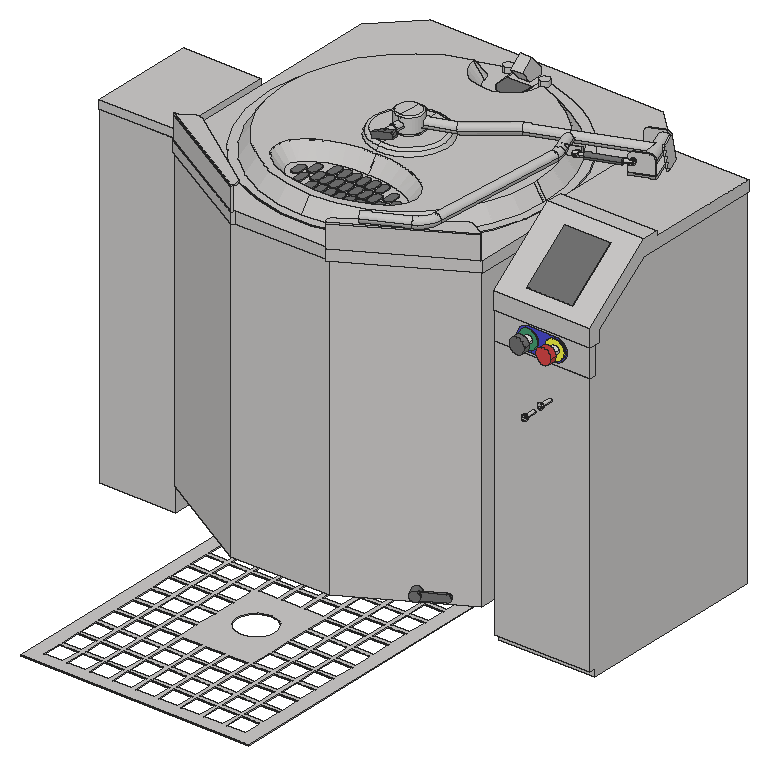
Revit family "QF_DIETATEC_CELER_200_180516040045", category Specialty Equipment, Revit 2015
Parameters
  Width [instance] = 1305 mm
  Weight in Pounds [instance] = 473.989
  Volts [instance] = 400 V
  URL Cutsheet [instance] = ""
  URL = "www.dietatec.com"
  Status [instance] = ""
  Specification by User [instance] = ""
  Specification by Manufacturer [instance] = ""
  Serial Number [instance] = "CELER_200"
  Seismic Rating [instance] = ""
  SMACNA No [instance] = ""
  Revision Code [instance] = ""
  Phase [instance] = 0
  Number of Poles [instance] = 3
  NAFEM Spec ID Number [instance] = ""
  Model = "57635"
  Min Ckt Ampacity [instance] = 0 A
  Max Overcurrent Protection [instance] = 0 A
  Masterspec [instance] = ""
  Manufacturer = "DIETATEC"
  ListPrice [instance] = 0
  Item Number [instance] = ""
  Installed By [instance] = ""
  Identify Quantity as Lot [instance] = yes
  Height [instance] = 1000 mm
  HP [instance] = ""
  Furnished By [instance] = ""
  Foodservice Equipment Identifier [instance] = yes
  FL Amps [instance] = 63 A
  Elec Conn RI Height [instance] = 0 mm
  Elec Conn Connection Height [instance] = 120 mm
  Description = "DIETA CELER 200 KETTLE, ELECTRIC MODEL"
  Depth [instance] = 882 mm
  Cycle [instance] = 50 Hz
  Conn Plug [instance] = ""
  Conn Conduit [instance] = yes
  CSI MasterFormat [instance] = ""
  Assembly Code = "E1090320"
  Apparent Power [instance] = 32500 VA
Reference planes
  plane 1 "Center (Front/Back)": y = 0
  plane 2: z = 0
  plane 3 "Center (Left/Right)": x = 0
Forms (mm)
  Extrusion 1, solid, not visible
    sketch origin (954.4, -182.2, 120) x (1, 0, 0) y (0, 1, 0)
      loop
        line (0, 0) -> (2, 0) -> (2, 2) -> (0, 2) -> (0, 0)
    from 0 to 2
Dimensions and locks
  aligned and locked: level to plane 2
Nested families
  nested 1: "QF_Dietatec_CELER_200_FL" at (0, 0, 0), type "57635_400_3"
    with Width 1305 mm, Status "", Specification by User "", Show Logo yes, Show Clearance yes, Revision Code "", Plumbing Remarks "", Plumbing Connection Type "", Number of Poles 3, ListPrice 0, Item Number "", Installed By "", Identify Quantity as Lot no, Height 1000 mm, Furnished By "", Foodservice Equipment Identifier yes, Electrical Remarks "", Electric Connection Type "", Elec Conn RI Height 0 mm, Elec Conn Connection Height 120 mm, Depth 882 mm, Conn Conduit no, Cold Water RI Height 120 mm, Cold Water Flow 0.0 L/s, Cold Water Consumption "", Cold Water Connection Height 120 mm
  nested 2: "QF_Dietatec_KETTLE_LEFT_LEG" at (0, -84, 0), type "KETTLE_LEFT_LEG"
    with Width 275 mm, Status "", Specification by User "", Show Logo yes, Show Clearance yes, Revision Code "", ListPrice 0, Item Number "", Installed By "", Identify Quantity as Lot no, Height 900 mm, Furnished By "", Foodservice Equipment Identifier yes, Depth 200 mm
Connectors
  electrical at (955.4, -180.2, 121), driven by "Volts"
    settings: on Extrusion 1, index 1, voltage 400 V, apparent load 32500 VA, apparent load phase1 0 VA, apparent load phase2 0 VA, apparent load phase3 0 VA, power factor 1, load classification "Other", number of poles 1, system type 30, power factor state 1, is connector primary yes, connector utility no, sub classification motor no, connector description "Electrical connection"
Definition of nested family "QF_Dietatec_CELER_200_FL"
  Parameters (values of type "57635_400_3")
    Width [instance] = 0 mm
    Weight in Pounds = 473.9933
    Watts = 750 W
    Volts = 230 V
    URL Cutsheet = "www.dietatec.com"
    URL = "www.dietatec.com"
    Status [instance] = ""
    Specification by User [instance] = ""
    Specification by Manufacturer = ""
    Show Logo [instance] = yes
    Show Clearance [instance] = yes
    Serial Number = ""
    Seismic Rating = ""
    SMACNA No = ""
    Revision Code [instance] = ""
    Plumbing Remarks [instance] = ""
    Plumbing Connection Type [instance] = ""
    Phase = 1
    Number of Poles [instance] = 1
    NAFEM Spec ID Number = ""
    Model = "57635+43730"
    Min Ckt Ampacity = 0 A
    Max Overcurrent Protection = 0 A
    Masterspec = ""
    Manufacturer = "DIETATEC"
    ListPrice [instance] = 0
    Item Number [instance] = ""
    Installed By [instance] = ""
    Identify Quantity as Lot [instance] = no
    Height [instance] = 0 mm
    HP = "1.005765000000"
    Furnished By [instance] = ""
    Foodservice Equipment Identifier [instance] = yes
    FL Amps = 16 A
    Electrical Remarks [instance] = ""
    Electric Connection Type [instance] = ""
    Elec Conn RI Height [instance] = 0 mm
    Elec Conn Connection Height [instance] = 120 mm
    Description = "DIETA CELER 200 KETTLE, STEAM MODEL"
    Depth [instance] = 0 mm
    Cycle = 50 Hz
    Conn Plug = ""
    Conn Conduit [instance] = no
    Cold Water Temperature Recommended = 0 °C
    Cold Water Size = 12.7 mm
    Cold Water RI Height [instance] = 120 mm
    Cold Water Minimum Pressure = 20000.0 Pa
    Cold Water Maximum Pressure = 50000.0 Pa
    Cold Water Flow [instance] = 0.0 L/s
    Cold Water Consumption [instance] = ""
    Cold Water Connection Height [instance] = 120 mm
    CSI MasterFormat = ""
    Assembly Code = "E1090320"
    Apparent Power = 750 VA
  Reference planes
    plane 1 "Back": y = 0
    plane 2: z = 0
    plane 3 "Left": x = 0
    plane 4 "Right": x = 1101.351
    plane 5 "Front": y = -882.143
    plane 6 "Top": z = 1000
  Forms (mm)
    Extrusion 1, solid
      sketch origin (1928.665, 818.484, 150) x (1, 0, 0) y (0, 1, 0)
        loop
          line (-1804.703, -1372.685) -> (-1804.703, -2172.685) -> (-1204.703, -2172.685) -> (-1204.703, -1372.685) -> (-1804.703, -1372.685)
        loop
          line (-1769.703, -1427.685) -> (-1769.703, -1477.685) -> (-1719.703, -1477.685) -> (-1719.703, -1427.685) -> (-1769.703, -1427.685)
        loop
          line (-1709.703, -1427.685) -> (-1709.703, -1477.685) -> (-1659.703, -1477.685) -> (-1659.703, -1427.685) -> (-1709.703, -1427.685)
        loop
          line (-1649.703, -1427.685) -> (-1649.703, -1477.685) -> (-1599.703, -1477.685) -> (-1599.703, -1427.685) -> (-1649.703, -1427.685)
        loop
          line (-1589.703, -1427.685) -> (-1589.703, -1477.685) -> (-1539.703, -1477.685) -> (-1539.703, -1427.685) -> (-1589.703, -1427.685)
        loop
          line (-1529.703, -1427.685) -> (-1529.703, -1477.685) -> (-1479.703, -1477.685) -> (-1479.703, -1427.685) -> (-1529.703, -1427.685)
        loop
          line (-1469.703, -1427.685) -> (-1469.703, -1477.685) -> (-1419.703, -1477.685) -> (-1419.703, -1427.685) -> (-1469.703, -1427.685)
        loop
          line (-1409.703, -1427.685) -> (-1409.703, -1477.685) -> (-1359.703, -1477.685) -> (-1359.703, -1427.685) -> (-1409.703, -1427.685)
        loop
          line (-1349.703, -1427.685) -> (-1349.703, -1477.685) -> (-1299.703, -1477.685) -> (-1299.703, -1427.685) -> (-1349.703, -1427.685)
        loop
          line (-1289.703, -1427.685) -> (-1289.703, -1477.685) -> (-1239.703, -1477.685) -> (-1239.703, -1427.685) -> (-1289.703, -1427.685)
        loop
          line (-1769.703, -1487.685) -> (-1769.703, -1537.685) -> (-1719.703, -1537.685) -> (-1719.703, -1487.685) -> (-1769.703, -1487.685)
        loop
          line (-1709.703, -1487.685) -> (-1709.703, -1537.685) -> (-1659.703, -1537.685) -> (-1659.703, -1487.685) -> (-1709.703, -1487.685)
        loop
          line (-1649.703, -1487.685) -> (-1649.703, -1537.685) -> (-1599.703, -1537.685) -> (-1599.703, -1487.685) -> (-1649.703, -1487.685)
        loop
          line (-1589.703, -1487.685) -> (-1589.703, -1537.685) -> (-1539.703, -1537.685) -> (-1539.703, -1487.685) -> (-1589.703, -1487.685)
        loop
          line (-1529.703, -1487.685) -> (-1529.703, -1537.685) -> (-1479.703, -1537.685) -> (-1479.703, -1487.685) -> (-1529.703, -1487.685)
        loop
          line (-1469.703, -1487.685) -> (-1469.703, -1537.685) -> (-1419.703, -1537.685) -> (-1419.703, -1487.685) -> (-1469.703, -1487.685)
        loop
          line (-1409.703, -1487.685) -> (-1409.703, -1537.685) -> (-1359.703, -1537.685) -> (-1359.703, -1487.685) -> (-1409.703, -1487.685)
        loop
          line (-1349.703, -1487.685) -> (-1349.703, -1537.685) -> (-1299.703, -1537.685) -> (-1299.703, -1487.685) -> (-1349.703, -1487.685)
        loop
          line (-1289.703, -1487.685) -> (-1289.703, -1537.685) -> (-1239.703, -1537.685) -> (-1239.703, -1487.685) -> (-1289.703, -1487.685)
        loop
          line (-1769.703, -1547.685) -> (-1769.703, -1597.685) -> (-1719.703, -1597.685) -> (-1719.703, -1547.685) -> (-1769.703, -1547.685)
        loop
          line (-1709.703, -1547.685) -> (-1709.703, -1597.685) -> (-1659.703, -1597.685) -> (-1659.703, -1547.685) -> (-1709.703, -1547.685)
        loop
          line (-1649.703, -1547.685) -> (-1649.703, -1597.685) -> (-1599.703, -1597.685) -> (-1599.703, -1547.685) -> (-1649.703, -1547.685)
        loop
          line (-1589.703, -1547.685) -> (-1589.703, -1597.685) -> (-1539.703, -1597.685) -> (-1539.703, -1547.685) -> (-1589.703, -1547.685)
        loop
          line (-1529.703, -1547.685) -> (-1529.703, -1597.685) -> (-1479.703, -1597.685) -> (-1479.703, -1547.685) -> (-1529.703, -1547.685)
        loop
          line (-1469.703, -1547.685) -> (-1469.703, -1597.685) -> (-1419.703, -1597.685) -> (-1419.703, -1547.685) -> (-1469.703, -1547.685)
        loop
          line (-1409.703, -1547.685) -> (-1409.703, -1597.685) -> (-1359.703, -1597.685) -> (-1359.703, -1547.685) -> (-1409.703, -1547.685)
        loop
          line (-1349.703, -1547.685) -> (-1349.703, -1597.685) -> (-1299.703, -1597.685) -> (-1299.703, -1547.685) -> (-1349.703, -1547.685)
        loop
          line (-1289.703, -1547.685) -> (-1289.703, -1597.685) -> (-1239.703, -1597.685) -> (-1239.703, -1547.685) -> (-1289.703, -1547.685)
        loop
          line (-1769.703, -1607.685) -> (-1769.703, -1657.685) -> (-1719.703, -1657.685) -> (-1719.703, -1607.685) -> (-1769.703, -1607.685)
        loop
          line (-1709.703, -1607.685) -> (-1709.703, -1657.685) -> (-1659.703, -1657.685) -> (-1659.703, -1607.685) -> (-1709.703, -1607.685)
        loop
          line (-1649.703, -1607.685) -> (-1649.703, -1657.685) -> (-1599.703, -1657.685) -> (-1599.703, -1607.685) -> (-1649.703, -1607.685)
        loop
          line (-1589.703, -1607.685) -> (-1589.703, -1657.685) -> (-1539.703, -1657.685) -> (-1539.703, -1607.685) -> (-1589.703, -1607.685)
        loop
          line (-1529.703, -1607.685) -> (-1529.703, -1657.685) -> (-1479.703, -1657.685) -> (-1479.703, -1607.685) -> (-1529.703, -1607.685)
        loop
          line (-1469.703, -1607.685) -> (-1469.703, -1657.685) -> (-1419.703, -1657.685) -> (-1419.703, -1607.685) -> (-1469.703, -1607.685)
        loop
          line (-1409.703, -1607.685) -> (-1409.703, -1657.685) -> (-1359.703, -1657.685) -> (-1359.703, -1607.685) -> (-1409.703, -1607.685)
        loop
          line (-1349.703, -1607.685) -> (-1349.703, -1657.685) -> (-1299.703, -1657.685) -> (-1299.703, -1607.685) -> (-1349.703, -1607.685)
        loop
          line (-1289.703, -1607.685) -> (-1289.703, -1657.685) -> (-1239.703, -1657.685) -> (-1239.703, -1607.685) -> (-1289.703, -1607.685)
        loop
          line (-1769.703, -1667.685) -> (-1769.703, -1717.685) -> (-1719.703, -1717.685) -> (-1719.703, -1667.685) -> (-1769.703, -1667.685)
        loop
          line (-1709.703, -1667.685) -> (-1709.703, -1717.685) -> (-1659.703, -1717.685) -> (-1659.703, -1667.685) -> (-1709.703, -1667.685)
        loop
          line (-1649.703, -1667.685) -> (-1649.703, -1717.685) -> (-1599.703, -1717.685) -> (-1599.703, -1667.685) -> (-1649.703, -1667.685)
        loop
          line (-1409.703, -1667.685) -> (-1409.703, -1717.685) -> (-1359.703, -1717.685) -> (-1359.703, -1667.685) -> (-1409.703, -1667.685)
        loop
          line (-1349.703, -1667.685) -> (-1349.703, -1717.685) -> (-1299.703, -1717.685) -> (-1299.703, -1667.685) -> (-1349.703, -1667.685)
        loop
          line (-1289.703, -1667.685) -> (-1289.703, -1717.685) -> (-1239.703, -1717.685) -> (-1239.703, -1667.685) -> (-1289.703, -1667.685)
        loop
          line (-1769.703, -1727.685) -> (-1769.703, -1777.685) -> (-1719.703, -1777.685) -> (-1719.703, -1727.685) -> (-1769.703, -1727.685)
        loop
          line (-1709.703, -1727.685) -> (-1709.703, -1777.685) -> (-1659.703, -1777.685) -> (-1659.703, -1727.685) -> (-1709.703, -1727.685)
        loop
          line (-1649.703, -1727.685) -> (-1649.703, -1777.685) -> (-1599.703, -1777.685) -> (-1599.703, -1727.685) -> (-1649.703, -1727.685)
        loop
          line (-1409.703, -1727.685) -> (-1409.703, -1777.685) -> (-1359.703, -1777.685) -> (-1359.703, -1727.685) -> (-1409.703, -1727.685)
        loop
          line (-1349.703, -1727.685) -> (-1349.703, -1777.685) -> (-1299.703, -1777.685) -> (-1299.703, -1727.685) -> (-1349.703, -1727.685)
        loop
          line (-1289.703, -1727.685) -> (-1289.703, -1777.685) -> (-1239.703, -1777.685) -> (-1239.703, -1727.685) -> (-1289.703, -1727.685)
        loop
          line (-1769.703, -1787.685) -> (-1769.703, -1837.685) -> (-1719.703, -1837.685) -> (-1719.703, -1787.685) -> (-1769.703, -1787.685)
        loop
          line (-1709.703, -1787.685) -> (-1709.703, -1837.685) -> (-1659.703, -1837.685) -> (-1659.703, -1787.685) -> (-1709.703, -1787.685)
        loop
          line (-1649.703, -1787.685) -> (-1649.703, -1837.685) -> (-1599.703, -1837.685) -> (-1599.703, -1787.685) -> (-1649.703, -1787.685)
        loop
          line (-1409.703, -1787.685) -> (-1409.703, -1837.685) -> (-1359.703, -1837.685) -> (-1359.703, -1787.685) -> (-1409.703, -1787.685)
        loop
          line (-1349.703, -1787.685) -> (-1349.703, -1837.685) -> (-1299.703, -1837.685) -> (-1299.703, -1787.685) -> (-1349.703, -1787.685)
        loop
          line (-1289.703, -1787.685) -> (-1289.703, -1837.685) -> (-1239.703, -1837.685) -> (-1239.703, -1787.685) -> (-1289.703, -1787.685)
        loop
          line (-1769.703, -1847.685) -> (-1769.703, -1897.685) -> (-1719.703, -1897.685) -> (-1719.703, -1847.685) -> (-1769.703, -1847.685)
        loop
          line (-1709.703, -1847.685) -> (-1709.703, -1897.685) -> (-1659.703, -1897.685) -> (-1659.703, -1847.685) -> (-1709.703, -1847.685)
        loop
          line (-1649.703, -1847.685) -> (-1649.703, -1897.685) -> (-1599.703, -1897.685) -> (-1599.703, -1847.685) -> (-1649.703, -1847.685)
        loop
          line (-1409.703, -1847.685) -> (-1409.703, -1897.685) -> (-1359.703, -1897.685) -> (-1359.703, -1847.685) -> (-1409.703, -1847.685)
        loop
          line (-1349.703, -1847.685) -> (-1349.703, -1897.685) -> (-1299.703, -1897.685) -> (-1299.703, -1847.685) -> (-1349.703, -1847.685)
        loop
          line (-1289.703, -1847.685) -> (-1289.703, -1897.685) -> (-1239.703, -1897.685) -> (-1239.703, -1847.685) -> (-1289.703, -1847.685)
        loop
          line (-1769.703, -1907.685) -> (-1769.703, -1957.685) -> (-1719.703, -1957.685) -> (-1719.703, -1907.685) -> (-1769.703, -1907.685)
        loop
          line (-1709.703, -1907.685) -> (-1709.703, -1957.685) -> (-1659.703, -1957.685) -> (-1659.703, -1907.685) -> (-1709.703, -1907.685)
        loop
          line (-1649.703, -1907.685) -> (-1649.703, -1957.685) -> (-1599.703, -1957.685) -> (-1599.703, -1907.685) -> (-1649.703, -1907.685)
        loop
          line (-1589.703, -1907.685) -> (-1589.703, -1957.685) -> (-1539.703, -1957.685) -> (-1539.703, -1907.685) -> (-1589.703, -1907.685)
        loop
          line (-1529.703, -1907.685) -> (-1529.703, -1957.685) -> (-1479.703, -1957.685) -> (-1479.703, -1907.685) -> (-1529.703, -1907.685)
        loop
          line (-1469.703, -1907.685) -> (-1469.703, -1957.685) -> (-1419.703, -1957.685) -> (-1419.703, -1907.685) -> (-1469.703, -1907.685)
        loop
          line (-1409.703, -1907.685) -> (-1409.703, -1957.685) -> (-1359.703, -1957.685) -> (-1359.703, -1907.685) -> (-1409.703, -1907.685)
        loop
          line (-1349.703, -1907.685) -> (-1349.703, -1957.685) -> (-1299.703, -1957.685) -> (-1299.703, -1907.685) -> (-1349.703, -1907.685)
        loop
          line (-1289.703, -1907.685) -> (-1289.703, -1957.685) -> (-1239.703, -1957.685) -> (-1239.703, -1907.685) -> (-1289.703, -1907.685)
        loop
          line (-1769.703, -1967.685) -> (-1769.703, -2017.685) -> (-1719.703, -2017.685) -> (-1719.703, -1967.685) -> (-1769.703, -1967.685)
        loop
          line (-1709.703, -1967.685) -> (-1709.703, -2017.685) -> (-1659.703, -2017.685) -> (-1659.703, -1967.685) -> (-1709.703, -1967.685)
        loop
          line (-1649.703, -1967.685) -> (-1649.703, -2017.685) -> (-1599.703, -2017.685) -> (-1599.703, -1967.685) -> (-1649.703, -1967.685)
        loop
          line (-1589.703, -1967.685) -> (-1589.703, -2017.685) -> (-1539.703, -2017.685) -> (-1539.703, -1967.685) -> (-1589.703, -1967.685)
        loop
          line (-1529.703, -1967.685) -> (-1529.703, -2017.685) -> (-1479.703, -2017.685) -> (-1479.703, -1967.685) -> (-1529.703, -1967.685)
        loop
          line (-1469.703, -1967.685) -> (-1469.703, -2017.685) -> (-1419.703, -2017.685) -> (-1419.703, -1967.685) -> (-1469.703, -1967.685)
        loop
          line (-1409.703, -1967.685) -> (-1409.703, -2017.685) -> (-1359.703, -2017.685) -> (-1359.703, -1967.685) -> (-1409.703, -1967.685)
        loop
          line (-1349.703, -1967.685) -> (-1349.703, -2017.685) -> (-1299.703, -2017.685) -> (-1299.703, -1967.685) -> (-1349.703, -1967.685)
        loop
          line (-1289.703, -1967.685) -> (-1289.703, -2017.685) -> (-1239.703, -2017.685) -> (-1239.703, -1967.685) -> (-1289.703, -1967.685)
        loop
          line (-1769.703, -2027.685) -> (-1769.703, -2077.685) -> (-1719.703, -2077.685) -> (-1719.703, -2027.685) -> (-1769.703, -2027.685)
        loop
          line (-1709.703, -2027.685) -> (-1709.703, -2077.685) -> (-1659.703, -2077.685) -> (-1659.703, -2027.685) -> (-1709.703, -2027.685)
        loop
          line (-1649.703, -2027.685) -> (-1649.703, -2077.685) -> (-1599.703, -2077.685) -> (-1599.703, -2027.685) -> (-1649.703, -2027.685)
        loop
          line (-1589.703, -2027.685) -> (-1589.703, -2077.685) -> (-1539.703, -2077.685) -> (-1539.703, -2027.685) -> (-1589.703, -2027.685)
        loop
          line (-1529.703, -2027.685) -> (-1529.703, -2077.685) -> (-1479.703, -2077.685) -> (-1479.703, -2027.685) -> (-1529.703, -2027.685)
        loop
          line (-1469.703, -2027.685) -> (-1469.703, -2077.685) -> (-1419.703, -2077.685) -> (-1419.703, -2027.685) -> (-1469.703, -2027.685)
        loop
          line (-1409.703, -2027.685) -> (-1409.703, -2077.685) -> (-1359.703, -2077.685) -> (-1359.703, -2027.685) -> (-1409.703, -2027.685)
        loop
          line (-1349.703, -2027.685) -> (-1349.703, -2077.685) -> (-1299.703, -2077.685) -> (-1299.703, -2027.685) -> (-1349.703, -2027.685)
        loop
          line (-1289.703, -2027.685) -> (-1289.703, -2077.685) -> (-1239.703, -2077.685) -> (-1239.703, -2027.685) -> (-1289.703, -2027.685)
        loop
          line (-1769.703, -2087.685) -> (-1769.703, -2137.685) -> (-1719.703, -2137.685) -> (-1719.703, -2087.685) -> (-1769.703, -2087.685)
        loop
          line (-1709.703, -2087.685) -> (-1709.703, -2137.685) -> (-1659.703, -2137.685) -> (-1659.703, -2087.685) -> (-1709.703, -2087.685)
        loop
          line (-1649.703, -2087.685) -> (-1649.703, -2137.685) -> (-1599.703, -2137.685) -> (-1599.703, -2087.685) -> (-1649.703, -2087.685)
        loop
          line (-1589.703, -2087.685) -> (-1589.703, -2137.685) -> (-1539.703, -2137.685) -> (-1539.703, -2087.685) -> (-1589.703, -2087.685)
        loop
          line (-1529.703, -2087.685) -> (-1529.703, -2137.685) -> (-1479.703, -2137.685) -> (-1479.703, -2087.685) -> (-1529.703, -2087.685)
        loop
          line (-1469.703, -2087.685) -> (-1469.703, -2137.685) -> (-1419.703, -2137.685) -> (-1419.703, -2087.685) -> (-1469.703, -2087.685)
        loop
          line (-1409.703, -2087.685) -> (-1409.703, -2137.685) -> (-1359.703, -2137.685) -> (-1359.703, -2087.685) -> (-1409.703, -2087.685)
        loop
          line (-1349.703, -2087.685) -> (-1349.703, -2137.685) -> (-1299.703, -2137.685) -> (-1299.703, -2087.685) -> (-1349.703, -2087.685)
        loop
          line (-1289.703, -2087.685) -> (-1289.703, -2137.685) -> (-1239.703, -2137.685) -> (-1239.703, -2087.685) -> (-1289.703, -2087.685)
        loop
          circle (-1504.703, -1772.685) r 50
      from -150 to -148
    Extrusion 2, solid
      sketch origin (-52.149, -1084.701, 0) x (0, 1, 0) y (0, 0, 1)
        loop
          line (899, 0) -> (899, 921.5) -> (555.633, 921.5) -> (410.5, 812.65) -> (410.5, 782.65) -> (397.5, 782.65) -> (397.5, 710.15) -> (382, 710.15) -> (382, 19) -> (397.5, 19) -> (397.5, 0) -> (899, 0)
      from 901 to 1152
    Extrusion 3, solid
      sketch origin (-52.149, -84.701, 0) x (0, 1, 0) y (0, 0, 1)
        loop
          line (-602.5, 782.65) -> (-618, 782.65) -> (-618, 710.15) -> (-602.5, 710.15) -> (-602.5, 782.65)
      from 901 to 1152
    Extrusion 4, solid
      sketch origin (199.351, -816.73, 6.15) x (1, 0, 0) y (0, 0, 1)
        loop
          circle (740, 741) r 10
      from -112.029 to -90
    Extrusion 5, solid
      sketch origin (199.351, -876.73, 6.15) x (1, 0, 0) y (0, 0, 1)
        loop
          circle (740, 741) r 20
      from -150 to -135
    Extrusion 6, solid
      sketch origin (199.351, -852.701, 6.15) x (1, 0, 0) y (0, 0, 1)
        loop
          circle (740, 741) r 25
      from -150 to -148
    Extrusion 7, solid
      sketch origin (269.351, -816.73, 6.15) x (1, 0, 0) y (0, 0, 1)
        loop
          circle (740, 741) r 10
      from -112.029 to -90
    Extrusion 8, solid
      sketch origin (269.351, -876.73, 6.15) x (1, 0, 0) y (0, 0, 1)
        loop
          circle (740, 741) r 20
      from -150 to -135
    Extrusion 9, solid
      sketch origin (269.351, -852.701, 6.15) x (1, 0, 0) y (0, 0, 1)
        loop
          circle (740, 741) r 25
      from -150 to -148
    Extrusion 10, solid
      sketch origin (281.351, -851.701, -53.35) x (1, 0, 0) y (0, 0, 1)
        loop
          arc (658, 830.5) -> (628, 800.5) -> (658, 770.5) r 30
          line (658, 770.5) -> (728, 770.5)
          arc (728, 770.5) -> (758, 800.5) -> (728, 830.5) r 30
          line (728, 830.5) -> (658, 830.5)
      from -150 to -148
    Extrusion 11, solid
      sketch origin (-52.149, -84.701, 0) x (0, 1, 0) y (0, 0, 1)
        loop
          line (-468.4, 941.6) -> (-593.2, 848) -> (-592, 846.4) -> (-467.2, 940) -> (-468.4, 941.6)
      from 966.5 to 1086.5
    Revolve 12, solid
      sketch origin (-52.149, -84.701, 580) x (1, 0, 0) y (0, 1, 0)
        loop
          line (1009.5, -618.013) -> (1005.5, -618.013) -> (1005.5, -651) -> (1012.485, -651)
          arc (1012.485, -651) -> (1012.849, -650.849) -> (1013, -650.485) r 0.515
          line (1013, -650.485) -> (1013, -648.5) -> (1009.5, -648.5) -> (1009.5, -618.013)
        axis (1005.5, -651) -> (1005.5, -618.013)
      angle from 0 to 360
    Revolve 13, solid
      sketch origin (-10.149, -84.701, 622) x (1, 0, 0) y (0, 1, 0)
        loop
          line (1009.5, -618.003) -> (1005.5, -618.003) -> (1005.5, -651) -> (1012.485, -651)
          arc (1012.485, -651) -> (1012.849, -650.849) -> (1013, -650.485) r 0.515
          line (1013, -650.485) -> (1013, -648.5) -> (1009.5, -648.5) -> (1009.5, -618.003)
        axis (1005.5, -651) -> (1005.5, -618.003)
      angle from 0 to 360
    Revolve 14, solid
      sketch origin (449.493, -85.884, 0) x (0.069756, 0.997564, 0) y (0, 0, 1)
        loop
          line (-366, 996.521) -> (-366, 938.475) -> (-268.572, 938.475) -> (-273.65, 947.271)
          arc (-273.65, 947.271) -> (-277.494, 951.114) -> (-282.744, 952.521) r 10.5
          line (-282.744, 952.521) -> (-331, 952.521) -> (-331, 954.521) -> (-332.5, 954.521) -> (-332.5, 993.021) -> (-336, 996.521) -> (-366, 996.521)
        axis (-366, 938.475) -> (-366, 996.521)
      angle from 0 to 360
    Extrusion 15, solid
      sketch origin (-203.222, 0, 0) x (0, 1, 0) y (0, 0, 1)
        loop
          line (-37.248, 900) -> (-37.248, 918.83) -> (-67.358, 954.713) -> (-98.033, 928.974) -> (-73.721, 900) -> (-37.248, 900)
      from 612.168 to 642.201
    Extrusion 16, solid
      sketch origin (-127.888, -501.28, 0) x (0.999977, -0.006728, 0) y (0, 0, 1)
        loop
          arc (524.133, 972.678) -> (522.051, 970.677) -> (521.857, 967.795) r 4.004
          line (521.857, 967.795) -> (523.853, 961.376)
          arc (523.853, 961.376) -> (525.646, 959.116) -> (528.494, 958.65) r 4
          line (528.494, 958.65) -> (545.58, 962.233) -> (562.767, 967.58) -> (578.87, 974.324)
          arc (578.87, 974.324) -> (580.95, 976.323) -> (581.145, 979.201) r 4
          line (581.145, 979.201) -> (579.147, 985.624)
          arc (579.147, 985.624) -> (577.354, 987.884) -> (574.506, 988.35) r 4
          line (574.506, 988.35) -> (557.42, 984.767) -> (540.233, 979.42) -> (524.133, 972.678)
      from 23.355 to 35.355
    Revolve 17, solid
      sketch origin (-125.063, -81.29, 973.5) x (0.999977, -0.006728, 0) y (0.006728, 0.999977, 0)
        loop
          line (541.5, -394.5) -> (541.5, -418.855) -> (542.908, -418.855) -> (542.908, -421.355) -> (547, -421.355) -> (547, -423.355) -> (542.5, -423.355) -> (542.5, -443.355) -> (551.5, -443.355) -> (551.5, -394.5) -> (541.5, -394.5)
        axis (551.5, -443.355) -> (551.5, -394.5)
      angle from 0 to 360
    Sweep 18, solid
      path origin (-29.828, -20.157, 991.467) x (0.997564, -0.069756, 0) y (0.069756, 0.997564, 0)
        loop
          line (713.584, -801.303) -> (810.113, -745.571)
          arc (810.113, -745.571) -> (832.767, -722.926) -> (841.075, -691.99) r 61.924
          line (841.075, -691.99) -> (841.342, -336.075)
          arc (841.342, -336.075) -> (839.866, -322.524) -> (835.486, -309.615) r 62.5
          line (835.486, -309.615) -> (806.642, -247.757)
      profile origin (773.474, -591.617, 991.467) x (-0.997511, 0.070504, 0) y (0, 0, 1)
        loop
          circle (12.5, 0) r 12.5
    Sweep 19, solid
      path origin (-53.323, -634.245, 1.076) x (0.93358, 0.358368, 0) y (0, 0, 1)
        loop
          line (541.187, 957.5) -> (619.254, 957.5) -> (759.731, 979) -> (1039.731, 979)
      profile origin (488.36, -426.313, 958.576) x (0, 0, 1) y (0.358368, -0.93358, 0)
        loop
          circle (12.5, 0) r 12.5
    Extrusion 20, solid
      sketch origin (514.631, -1074.754, -191.981) x (0.866025, 0.5, 0) y (0, 0, 1)
        loop
          circle (315, 303) r 12
      from -150 to -125
    Extrusion 21, solid
      sketch origin (523.631, -1090.342, -191.981) x (0.866025, 0.5, 0) y (0, 0, 1)
        loop
          line (321.633, 293) -> (381, 293)
          arc (381, 293) -> (391, 303) -> (381, 313) r 10
          line (381, 313) -> (321.633, 313)
          arc (321.633, 313) -> (327, 303) -> (321.633, 293) r 12
      from -150 to -145
    Extrusion 22, solid
      sketch origin (-29.828, -20.157, 950) x (0.997564, -0.069756, 0) y (0.069756, 0.997564, 0)
        loop
          line (858.004, -281.002) -> (817.22, -300.02) -> (818.488, -302.739) -> (859.272, -283.721) -> (858.004, -281.002)
      from 30 to 53
    Revolve 23, solid
      sketch origin (-30.062, -20.247, 991.5) x (0.997564, -0.069756, 0) y (0.069756, 0.997564, 0)
        loop
          line (870.848, -285.378) -> (847.634, -296.204)
          arc (847.634, -296.204) -> (847.606, -298.584) -> (848.28, -300.868) r 8
          line (848.28, -300.868) -> (872.75, -289.457) -> (870.848, -285.378)
        loop
          line (944.709, -250.937) -> (946.611, -255.015) -> (971.081, -243.604)
          arc (971.081, -243.604) -> (969.765, -241.62) -> (967.924, -240.112) r 8
          line (967.924, -240.112) -> (944.709, -250.937)
        axis (848.28, -300.868) -> (971.081, -243.604)
      angle from 0 to 360
    Revolve 24, solid
      sketch origin (-29.828, -20.157, 991.5) x (0.997564, -0.069756, 0) y (0.069756, 0.997564, 0)
        loop
          line (872.524, -289.563) -> (946.841, -254.908) -> (943.671, -248.111) -> (869.354, -282.765) -> (872.524, -289.563)
        axis (872.524, -289.563) -> (946.841, -254.908)
      angle from 0 to 360
    Revolve 25, solid
      sketch origin (-29.828, -20.157, 991.83) x (0.997564, -0.069756, 0) y (0.069756, 0.997564, 0)
        loop
          line (856.34, -305.494) -> (858.742, -304.375) -> (845.326, -275.604) -> (843.514, -276.449) -> (843.03, -277.778) -> (848.207, -288.881) -> (846.394, -289.726) -> (847.602, -292.316)
          arc (847.602, -292.316) -> (848.524, -291.928) -> (849.43, -291.504) r 25
          line (849.43, -291.504) -> (851.438, -294.982) -> (856.34, -305.494)
        axis (845.326, -275.604) -> (858.742, -304.375)
      angle from 0 to 360
    Revolve 26, solid
      sketch origin (1294.737, 488.296, 991.83) x (-0.694658, -0.71934, 0) y (0.71934, -0.694658, 0)
        loop
          line (856.34, 305.494) -> (851.438, 294.982) -> (849.43, 291.504)
          arc (849.43, 291.504) -> (848.524, 291.928) -> (847.602, 292.316) r 25
          line (847.602, 292.316) -> (846.394, 289.726) -> (848.207, 288.881) -> (843.03, 277.778) -> (843.514, 276.449) -> (845.326, 275.604) -> (858.742, 304.375) -> (856.34, 305.494)
        axis (845.326, 275.604) -> (858.742, 304.375)
      angle from 0 to 360
    Extrusion 27, solid
      sketch origin (-594.447, -631.182, 0) x (0.93358, 0.358368, 0) y (0, 0, 1)
        loop
          arc (1518.24, 1010.5) -> (1507.633, 1006.107) -> (1503.24, 995.5) r 15
          line (1503.24, 995.5) -> (1503.24, 961.15) -> (1563.24, 961.15) -> (1563.24, 995.5)
          arc (1563.24, 995.5) -> (1558.846, 1006.107) -> (1548.24, 1010.5) r 15
          line (1548.24, 1010.5) -> (1518.24, 1010.5)
      from 141.433 to 145.433
    Extrusion 28, solid
      sketch origin (-556.281, -730.609, 0) x (0.93358, 0.358368, 0) y (0, 0, 1)
        loop
          arc (1518.24, 1010.5) -> (1507.633, 1006.107) -> (1503.24, 995.5) r 15
          line (1503.24, 995.5) -> (1503.24, 961.15) -> (1563.24, 961.15) -> (1563.24, 995.5)
          arc (1563.24, 995.5) -> (1558.846, 1006.107) -> (1548.24, 1010.5) r 15
          line (1548.24, 1010.5) -> (1518.24, 1010.5)
      from 141.433 to 145.433
    Extrusion 29, solid
      sketch origin (-1.81, -614.152, 0) x (0.93358, 0.358368, 0) y (0, 0, 1)
        loop
          circle (988.861, 991.5) r 15
      from -51.05 to 51.45
    Extrusion 30, solid
      sketch origin (509.773, 1179.28, 0) x (0.358368, -0.93358, 0) y (0, 0, 1)
        loop
          line (1435.928, 961.15) -> (1435.928, 959.475)
          arc (1435.928, 959.475) -> (1438.263, 953.836) -> (1443.902, 951.5) r 7.975
          line (1443.902, 951.5) -> (1538.453, 951.5)
          arc (1538.453, 951.5) -> (1544.092, 953.836) -> (1546.428, 959.475) r 7.975
          line (1546.428, 959.475) -> (1546.428, 961.15) -> (1542.428, 961.15) -> (1542.428, 959.475)
          arc (1542.428, 959.475) -> (1541.263, 956.664) -> (1538.453, 955.5) r 3.975
          line (1538.453, 955.5) -> (1443.902, 955.5)
          arc (1443.902, 955.5) -> (1441.092, 956.664) -> (1439.928, 959.475) r 3.975
          line (1439.928, 959.475) -> (1439.928, 961.15) -> (1435.928, 961.15)
      from 116.451 to 176.451
    Extrusion 31, solid
      sketch origin (736.533, 773.531, 13.851) x (0.35671, -0.934215, 0) y (-0.158027, -0.060339, 0.985589)
        loop
          line (1006.415, 961.15) -> (1056.415, 961.15) -> (1056.415, 1013.467)
          arc (1056.415, 1013.467) -> (1054.95, 1017.002) -> (1051.415, 1018.467) r 5
          arc (1051.415, 1018.467) -> (1031.415, 1014.603) -> (1011.415, 1018.467) r 53.69
          arc (1011.415, 1018.467) -> (1007.879, 1017.002) -> (1006.415, 1013.467) r 5
          line (1006.415, 1013.467) -> (1006.415, 961.15)
      from 0 to 4
    Extrusion 32, solid, visible <- "Show Clearance", detail levels coarse
      sketch origin (166.778, 189.339, 0) x (1, 0, 0) y (0, 1, 0)
        loop
          line (-370, -189.339) -> (934.573, -189.339) -> (934.573, 236.46) -> (-370, 236.46) -> (-370, -189.339)
      from 0 to 1013
    Extrusion 33, solid
      sketch origin (94.351, -332.201, -68) x (1, 0, 0) y (0, 0, 1)
        loop
          circle (930, 278) r 15
      from -150 to -146.5
    Extrusion 34, solid
      sketch origin (94.351, -332.201, -158) x (1, 0, 0) y (0, 0, 1)
        loop
          circle (930, 278) r 15
      from -150 to -146.5
    Extrusion 35, solid
      sketch origin (24.351, -332.201, -158) x (1, 0, 0) y (0, 0, 1)
        loop
          circle (930, 278) r 15
      from -150 to -146.5
    Extrusion 36, solid
      sketch origin (94.351, -332.201, -113) x (1, 0, 0) y (0, 0, 1)
        loop
          circle (930, 278) r 15
      from -150 to -146.5
    Revolve 37, solid
      sketch origin (-203.222, 0, 775.847) x (1, 0, 0) y (0, 1, 0)
        loop
          line (224.108, -515.478) -> (218.889, -515.478) -> (218.889, -516.614) -> (204.723, -516.614) -> (204.723, -511.058) -> (203.222, -511.058) -> (203.222, -561.112) -> (224.108, -561.112) -> (224.108, -515.478)
        axis (224.108, -561.112) -> (203.222, -561.112)
      angle from 0 to 360
    Revolve 38, solid
      sketch origin (1051.147, 0, 775.847) x (-1, 0, 0) y (0, -1, 0)
        loop
          line (224.108, 515.478) -> (224.108, 561.112) -> (203.222, 561.112) -> (203.222, 511.058) -> (204.723, 511.058) -> (204.723, 516.614) -> (218.889, 516.614) -> (218.889, 515.478) -> (224.108, 515.478)
        axis (224.108, 561.112) -> (203.222, 561.112)
      angle from 0 to 360
    Extrusion 39, solid
      sketch origin (-203.222, 0, 900.189) x (1, 0, 0) y (0, 1, 0)
        loop
          arc (576.609, -53.748) -> (536.331, -65.59) -> (497.186, -80.765) r 500.546
          arc (497.186, -80.765) -> (454.599, -100.836) -> (414.992, -126.287) r 360.393
          arc (414.992, -126.287) -> (295.076, -260.942) -> (251.775, -435.976) r 375.41
          line (251.775, -435.976) -> (251.775, -450.992)
          arc (251.775, -450.992) -> (627.184, -826.402) -> (1002.594, -450.992) r 375.41
          line (1002.594, -450.992) -> (1002.594, -435.976)
          arc (1002.594, -435.976) -> (959.292, -260.942) -> (839.376, -126.287) r 375.41
          arc (839.376, -126.287) -> (799.769, -100.836) -> (757.182, -80.765) r 360.393
          arc (757.182, -80.765) -> (718.038, -65.59) -> (677.759, -53.748) r 500.546
          arc (677.759, -53.748) -> (667.837, -55.384) -> (662.222, -63.727) r 12.688
          line (662.222, -63.727) -> (662.222, -79.406)
          arc (662.222, -79.406) -> (661.215, -101.611) -> (658.202, -123.634) r 245.268
          arc (658.202, -123.634) -> (627.184, -149.482) -> (596.167, -123.634) r 31.534
          arc (596.167, -123.634) -> (593.153, -101.611) -> (592.146, -79.406) r 245.268
          line (592.146, -79.406) -> (592.146, -63.727)
          arc (592.146, -63.727) -> (586.531, -55.384) -> (576.609, -53.748) r 12.688
      from 0 to 2
    Blend 40, solid
      base sketch origin (-203.222, 0, 0) x (1, 0, 0) y (0, 1, 0)
        loop
          arc (565.942, -127.052) -> (551.856, -105.247) -> (526.149, -101.638) r 31.213
          arc (526.149, -101.638) -> (343.34, -229.334) -> (273.119, -440.981) r 354.065
          line (273.119, -440.981) -> (273.119, -450.992)
          arc (273.119, -450.992) -> (376.822, -701.354) -> (627.184, -805.057) r 354.065
          line (627.184, -805.057) -> (627.184, -729.201)
          spline (627.184, -729.201) -> (587.067, -726.773) -> (549.684, -719.655) -> (517.583, -708.331) -> (492.95, -693.574) -> (477.466, -676.389) -> (472.184, -657.947) -> (477.466, -639.505) -> (492.95, -622.32) -> (517.583, -607.562) -> (549.684, -596.239) -> (587.067, -589.12) -> (627.184, -586.692)
          line (627.184, -586.692) -> (627.184, -180.017)
          arc (627.184, -180.017) -> (586.7, -164.939) -> (565.942, -127.052) r 61.889
      top sketch origin (-203.222, 0, 0) x (1, 0, 0) y (0, 1, 0)
        loop
          arc (533.796, -127.323) -> (364.825, -245.354) -> (299.919, -440.981) r 327.265
          line (299.919, -440.981) -> (299.919, -450.992)
          arc (299.919, -450.992) -> (395.773, -682.403) -> (627.184, -778.257) r 327.265
          line (627.184, -778.257) -> (627.184, -758.152)
          spline (627.184, -758.152) -> (579.429, -754.738) -> (534.928, -744.727) -> (496.714, -728.803) -> (467.391, -708.049) -> (448.959, -683.882) -> (442.671, -657.947) -> (448.959, -632.012) -> (467.391, -607.844) -> (496.714, -587.091) -> (534.928, -571.166) -> (579.429, -561.156) -> (627.184, -557.741)
          line (627.184, -557.741) -> (627.184, -206.817)
          arc (627.184, -206.817) -> (569.169, -185.21) -> (539.422, -130.917) r 88.689
          arc (539.422, -130.917) -> (537.431, -127.834) -> (533.796, -127.323) r 4.413
      from 902.184 to 938.475
    Extrusion 41, solid
      sketch origin (-203.222, 0, 900.184) x (1, 0, 0) y (0, 1, 0)
        loop
          arc (662.003, -89.77) -> (627.184, -88.096) -> (592.365, -89.77) r 362.896
          arc (592.365, -89.77) -> (593.677, -106.768) -> (596.167, -123.634) r 245.268
          arc (596.167, -123.634) -> (627.184, -149.482) -> (658.202, -123.634) r 31.534
          arc (658.202, -123.634) -> (660.691, -106.768) -> (662.003, -89.77) r 245.268
      from 0 to 2
    Extrusion 42, solid
      sketch origin (-203.222, 0, 0) x (1, 0, 0) y (0, 1, 0)
        loop
          line (497.453, -874.954) -> (756.915, -874.954) -> (1030.119, -717.221) -> (1030.119, -101.93) -> (931.697, -3.509) -> (322.671, -3.509) -> (224.25, -101.93) -> (224.25, -717.221) -> (497.453, -874.954)
      from 83.741 to 870.95
    Extrusion 43, solid
      sketch origin (-203.222, 0, 70) x (1, 0, 0) y (0, 1, 0)
        loop
          line (507.053, -874.954) -> (747.315, -874.954) -> (751.465, -882.143) -> (1033.619, -719.241) -> (1033.619, -100.481) -> (933.147, -0.009) -> (321.221, -0.009) -> (220.75, -100.481) -> (220.75, -719.241) -> (502.903, -882.143) -> (507.053, -874.954)
      from 800.95 to 830
    Extrusion 44, solid
      sketch origin (-203.222, 0, 880) x (1, 0, 0) y (0, 1, 0)
        loop
          line (223.155, -720.63) -> (502.903, -882.143) -> (504.653, -879.111) -> (224.905, -717.599) -> (223.155, -720.63)
        loop
          line (751.465, -882.143) -> (1031.213, -720.63) -> (1029.463, -717.599) -> (749.715, -879.111) -> (751.465, -882.143)
      from 20.189 to 79.897
    Extrusion 45, solid
      sketch origin (-203.222, 0, 950) x (1, 0, 0) y (0, 1, 0)
        loop
          line (259.451, -699.701) -> (231.478, -715.851) -> (224.905, -717.599) -> (223.155, -720.63) -> (502.903, -882.143) -> (504.455, -879.454)
          arc (504.455, -879.454) -> (506.663, -865.11) -> (498.6, -853.042) r 20.022
          line (498.6, -853.042) -> (280.946, -700.639)
          arc (280.946, -700.639) -> (270.335, -697.037) -> (259.451, -699.701) r 20.022
        loop
          arc (994.918, -699.701) -> (984.033, -697.037) -> (973.423, -700.639) r 20.022
          line (973.423, -700.639) -> (755.768, -853.042)
          arc (755.768, -853.042) -> (747.705, -865.11) -> (749.913, -879.454) r 20.022
          line (749.913, -879.454) -> (751.465, -882.143) -> (1031.213, -720.63) -> (1029.463, -717.599) -> (1022.891, -715.851) -> (994.918, -699.701)
      from 9.897 to 12.9
    Extrusion 46, solid, visible <- "Show Clearance", detail levels coarse
      sketch origin (-1817.202, -1005.679, 0) x (0.93358, 0.358368, 0) y (0, 0, 1)
        loop
          line (1915.68, 938.475) -> (2826.089, 938.475) -> (2826.089, 1848.885)
          arc (2826.089, 1848.885) -> (2182.333, 1582.232) -> (1915.68, 938.475) r 910.41
      from -106.907 to 660.557
    Blend 47, solid
      base sketch origin (1051.147, 0, 0) x (-1, 0, 0) y (0, -1, 0)
        loop
          arc (565.942, 127.052) -> (586.7, 164.939) -> (627.184, 180.017) r 61.889
          line (627.184, 180.017) -> (627.184, 586.692)
          spline (627.184, 586.692) -> (587.067, 589.12) -> (549.684, 596.239) -> (517.583, 607.562) -> (492.95, 622.32) -> (477.466, 639.505) -> (472.184, 657.947) -> (477.466, 676.389) -> (492.95, 693.574) -> (517.583, 708.331) -> (549.684, 719.655) -> (587.067, 726.773) -> (627.184, 729.201)
          line (627.184, 729.201) -> (627.184, 805.057)
          arc (627.184, 805.057) -> (376.822, 701.354) -> (273.119, 450.992) r 354.065
          line (273.119, 450.992) -> (273.119, 440.981)
          arc (273.119, 440.981) -> (343.34, 229.334) -> (526.149, 101.638) r 354.065
          arc (526.149, 101.638) -> (551.856, 105.247) -> (565.942, 127.052) r 31.213
      top sketch origin (1051.147, 0, 0) x (-1, 0, 0) y (0, -1, 0)
        loop
          arc (533.796, 127.323) -> (537.431, 127.834) -> (539.422, 130.917) r 4.413
          arc (539.422, 130.917) -> (569.169, 185.21) -> (627.184, 206.817) r 88.689
          line (627.184, 206.817) -> (627.184, 557.741)
          spline (627.184, 557.741) -> (579.429, 561.156) -> (534.928, 571.166) -> (496.714, 587.091) -> (467.391, 607.844) -> (448.959, 632.012) -> (442.671, 657.947) -> (448.959, 683.882) -> (467.391, 708.049) -> (496.714, 728.803) -> (534.928, 744.727) -> (579.429, 754.738) -> (627.184, 758.152)
          line (627.184, 758.152) -> (627.184, 778.257)
          arc (627.184, 778.257) -> (395.773, 682.403) -> (299.919, 450.992) r 327.265
          line (299.919, 450.992) -> (299.919, 440.981)
          arc (299.919, 440.981) -> (364.825, 245.354) -> (533.796, 127.323) r 327.265
      from 902.184 to 938.475
    Extrusion 48, solid
      sketch origin (-203.222, 0, 900.689) x (1, 0, 0) y (0, 1, 0)
        loop
          line (491.5, -647.947) -> (491.5, -667.947)
          arc (491.5, -667.947) -> (501.5, -677.947) -> (511.5, -667.947) r 10
          line (511.5, -667.947) -> (511.5, -647.947)
          arc (511.5, -647.947) -> (501.5, -637.947) -> (491.5, -647.947) r 10
        loop
          line (516.5, -670.447) -> (516.5, -690.447)
          arc (516.5, -690.447) -> (526.5, -700.447) -> (536.5, -690.447) r 10
          line (536.5, -690.447) -> (536.5, -670.447)
          arc (536.5, -670.447) -> (526.5, -660.447) -> (516.5, -670.447) r 10
        loop
          arc (516.5, -645.447) -> (526.5, -655.447) -> (536.5, -645.447) r 10
          line (536.5, -645.447) -> (536.5, -625.447)
          arc (536.5, -625.447) -> (526.5, -615.447) -> (516.5, -625.447) r 10
          line (516.5, -625.447) -> (516.5, -645.447)
        loop
          arc (561.5, -647.947) -> (551.5, -637.947) -> (541.5, -647.947) r 10
          line (541.5, -647.947) -> (541.5, -667.947)
          arc (541.5, -667.947) -> (551.5, -677.947) -> (561.5, -667.947) r 10
          line (561.5, -667.947) -> (561.5, -647.947)
        loop
          arc (554, -626.947) -> (564, -636.947) -> (574, -626.947) r 10
          line (574, -626.947) -> (574, -606.947)
          arc (574, -606.947) -> (564, -596.947) -> (554, -606.947) r 10
          line (554, -606.947) -> (554, -626.947)
        loop
          arc (574, -688.947) -> (564, -678.947) -> (554, -688.947) r 10
          line (554, -688.947) -> (554, -708.947)
          arc (554, -708.947) -> (564, -718.947) -> (574, -708.947) r 10
          line (574, -708.947) -> (574, -688.947)
        loop
          arc (566.5, -667.947) -> (576.5, -677.947) -> (586.5, -667.947) r 10
          line (586.5, -667.947) -> (586.5, -647.947)
          arc (586.5, -647.947) -> (576.5, -637.947) -> (566.5, -647.947) r 10
          line (566.5, -647.947) -> (566.5, -667.947)
        loop
          arc (579, -626.947) -> (589, -636.947) -> (599, -626.947) r 10
          line (599, -626.947) -> (599, -606.947)
          arc (599, -606.947) -> (589, -596.947) -> (579, -606.947) r 10
          line (579, -606.947) -> (579, -626.947)
        loop
          arc (599, -688.947) -> (589, -678.947) -> (579, -688.947) r 10
          line (579, -688.947) -> (579, -708.947)
          arc (579, -708.947) -> (589, -718.947) -> (599, -708.947) r 10
          line (599, -708.947) -> (599, -688.947)
        loop
          arc (591.5, -667.947) -> (601.5, -677.947) -> (611.5, -667.947) r 10
          line (611.5, -667.947) -> (611.5, -647.947)
          arc (611.5, -647.947) -> (601.5, -637.947) -> (591.5, -647.947) r 10
          line (591.5, -647.947) -> (591.5, -667.947)
        loop
          arc (624, -688.947) -> (614, -678.947) -> (604, -688.947) r 10
          line (604, -688.947) -> (604, -708.947)
          arc (604, -708.947) -> (614, -718.947) -> (624, -708.947) r 10
          line (624, -708.947) -> (624, -688.947)
        loop
          arc (604, -626.947) -> (614, -636.947) -> (624, -626.947) r 10
          line (624, -626.947) -> (624, -606.947)
          arc (624, -606.947) -> (614, -596.947) -> (604, -606.947) r 10
          line (604, -606.947) -> (604, -626.947)
        loop
          arc (636.5, -647.947) -> (626.5, -637.947) -> (616.5, -647.947) r 10
          line (616.5, -647.947) -> (616.5, -667.947)
          arc (616.5, -667.947) -> (626.5, -677.947) -> (636.5, -667.947) r 10
          line (636.5, -667.947) -> (636.5, -647.947)
        loop
          arc (629, -708.947) -> (639, -718.947) -> (649, -708.947) r 10
          line (649, -708.947) -> (649, -688.947)
          arc (649, -688.947) -> (639, -678.947) -> (629, -688.947) r 10
          line (629, -688.947) -> (629, -708.947)
        loop
          arc (629, -626.947) -> (639, -636.947) -> (649, -626.947) r 10
          line (649, -626.947) -> (649, -606.947)
          arc (649, -606.947) -> (639, -596.947) -> (629, -606.947) r 10
          line (629, -606.947) -> (629, -626.947)
        loop
          arc (661.5, -647.947) -> (651.5, -637.947) -> (641.5, -647.947) r 10
          line (641.5, -647.947) -> (641.5, -667.947)
          arc (641.5, -667.947) -> (651.5, -677.947) -> (661.5, -667.947) r 10
          line (661.5, -667.947) -> (661.5, -647.947)
        loop
          arc (674, -688.947) -> (664, -678.947) -> (654, -688.947) r 10
          line (654, -688.947) -> (654, -708.947)
          arc (654, -708.947) -> (664, -718.947) -> (674, -708.947) r 10
          line (674, -708.947) -> (674, -688.947)
        loop
          arc (654, -626.947) -> (664, -636.947) -> (674, -626.947) r 10
          line (674, -626.947) -> (674, -606.947)
          arc (674, -606.947) -> (664, -596.947) -> (654, -606.947) r 10
          line (654, -606.947) -> (654, -626.947)
        loop
          arc (699, -688.947) -> (689, -678.947) -> (679, -688.947) r 10
          line (679, -688.947) -> (679, -708.947)
          arc (679, -708.947) -> (689, -718.947) -> (699, -708.947) r 10
          line (699, -708.947) -> (699, -688.947)
        loop
          arc (666.5, -667.947) -> (676.5, -677.947) -> (686.5, -667.947) r 10
          line (686.5, -667.947) -> (686.5, -647.947)
          arc (686.5, -647.947) -> (676.5, -637.947) -> (666.5, -647.947) r 10
          line (666.5, -647.947) -> (666.5, -667.947)
        loop
          arc (679, -626.947) -> (689, -636.947) -> (699, -626.947) r 10
          line (699, -626.947) -> (699, -606.947)
          arc (699, -606.947) -> (689, -596.947) -> (679, -606.947) r 10
          line (679, -606.947) -> (679, -626.947)
        loop
          arc (711.5, -647.947) -> (701.5, -637.947) -> (691.5, -647.947) r 10
          line (691.5, -647.947) -> (691.5, -667.947)
          arc (691.5, -667.947) -> (701.5, -677.947) -> (711.5, -667.947) r 10
          line (711.5, -667.947) -> (711.5, -647.947)
        loop
          arc (716.5, -645.447) -> (726.5, -655.447) -> (736.5, -645.447) r 10
          line (736.5, -645.447) -> (736.5, -625.447)
          arc (736.5, -625.447) -> (726.5, -615.447) -> (716.5, -625.447) r 10
          line (716.5, -625.447) -> (716.5, -645.447)
        loop
          arc (736.5, -670.447) -> (726.5, -660.447) -> (716.5, -670.447) r 10
          line (716.5, -670.447) -> (716.5, -690.447)
          arc (716.5, -690.447) -> (726.5, -700.447) -> (736.5, -690.447) r 10
          line (736.5, -690.447) -> (736.5, -670.447)
        loop
          arc (741.5, -667.947) -> (751.5, -677.947) -> (761.5, -667.947) r 10
          line (761.5, -667.947) -> (761.5, -647.947)
          arc (761.5, -647.947) -> (751.5, -637.947) -> (741.5, -647.947) r 10
          line (741.5, -647.947) -> (741.5, -667.947)
      from 0 to 2
    Extrusion 49, solid
      sketch origin (-203.222, 0, 902.189) x (1, 0, 0) y (0, 1, 0)
        loop
          circle (579.674, -65.891) r 12.519
        loop
          circle (674.694, -65.891) r 12.519
      from 0 to 12
    Extrusion 50, solid
      sketch origin (-52.149, -1084.701, 0) x (0, 1, 0) y (0, 0, 1)
        loop
          line (900.5, 921.5) -> (900.5, 951.5) -> (600.5, 951.5) -> (600.5, 961.15) -> (558.5, 961.15) -> (380.5, 827.65) -> (380.5, 782.65) -> (410.5, 782.65) -> (410.5, 812.65) -> (555.633, 921.5) -> (900.5, 921.5)
      from 899.5 to 1153.5
  Cuts and joins
    joined: Blend 40, Blend 47
  Lines and regions (mm)
    symbolic lines, visible <- "Show Clearance", detail levels coarse
      curve 1: line (1101.351, 425.839, 0) -> (-203.222, 425.839, 0)
    symbolic lines
      curve 2: line (123.963, -780.691, 0) -> (123.963, -1354.201, 0)
      curve 3: line (123.963, -1354.201, 0) -> (723.963, -1354.201, 0)
      curve 4: line (723.963, -1354.201, 0) -> (723.963, -821.565, 0)
      curve 5: line (847.351, -184.201, 0) -> (847.351, -704.201, 0)
      curve 6: line (847.351, -704.201, 0) -> (1101.351, -704.201, 0)
      curve 7: line (1101.351, -184.201, 0) -> (847.351, -184.201, 0)
      curve 8: line (1101.351, -184.201, 0) -> (1101.351, -704.201, 0)
      curve 9: line (929.351, -726.73, 0) -> (929.351, -704.201, 0)
      curve 10: line (929.351, -726.73, 0) -> (919.351, -726.73, 0)
      curve 11: line (919.351, -726.73, 0) -> (919.351, -741.73, 0)
      curve 12: line (919.351, -741.73, 0) -> (959.351, -741.73, 0)
      curve 13: line (959.351, -741.73, 0) -> (959.351, -726.73, 0)
      curve 14: line (959.351, -726.73, 0) -> (957.288, -726.73, 0)
      curve 15: line (957.288, -726.73, 0) -> (957.288, -704.201, 0)
      curve 16: line (989.351, -726.73, 0) -> (991.306, -726.73, 0)
      curve 17: line (991.306, -726.73, 0) -> (991.306, -704.201, 0)
      curve 18: line (989.351, -726.73, 0) -> (989.351, -741.73, 0)
      curve 19: line (989.351, -741.73, 0) -> (1029.351, -741.73, 0)
      curve 20: line (1029.351, -741.73, 0) -> (1029.351, -726.73, 0)
      curve 21: line (1029.351, -726.73, 0) -> (1019.351, -726.73, 0)
      curve 22: line (1019.351, -726.73, 0) -> (1019.351, -704.201, 0)
      curve 23: line (914.351, -553.101, 0) -> (1034.351, -553.101, 0)
      curve 24: line (914.351, -677.901, 0) -> (914.351, -553.101, 0)
      curve 25: line (1034.351, -677.901, 0) -> (914.351, -677.901, 0)
      curve 26: line (1034.351, -553.101, 0) -> (1034.351, -677.901, 0)
      curve 27: line (1101.351, -484.201, 0) -> (847.351, -484.201, 0)
      curve 28: line (847.351, -526.201, 0) -> (1101.351, -526.201, 0)
      curve 29: line (915.648, -203.006, 0) -> (859.633, -224.508, 0)
      curve 30: line (859.633, -224.508, 0) -> (874.953, -264.419, 0)
      curve 31: line (861.066, -228.243, 0) -> (917.081, -206.741, 0)
      curve 32: line (955.247, -306.167, 0) -> (915.648, -203.006, 0)
      curve 33: line (953.814, -302.433, 0) -> (897.799, -323.935, 0)
      curve 34: line (899.232, -327.669, 0) -> (955.247, -306.167, 0)
      curve 35: line (961.478, -271.383, 0) -> (943.643, -224.672, 0)
      curve 36: line (943.643, -224.672, 0) -> (931.692, -229.235, 0)
      curve 37: spline (932.686, -234.208, 0) -> (932.46, -233.595, 0) -> (932.251, -232.989, 0) -> (932.063, -232.397, 0) -> (931.9, -231.832, 0) -> (931.763, -231.302, 0) -> (931.656, -230.816, 0) -> (931.58, -230.384, 0) -> (931.536, -230.012, 0) -> (931.526, -229.706, 0) -> (931.548, -229.472, 0) -> (931.604, -229.314, 0) -> (931.692, -229.235, 0)
      curve 38: spline (946.954, -271.576, 0) -> (945.995, -268.509, 0) -> (944.978, -265.39, 0) -> (943.909, -262.233, 0) -> (942.792, -259.05, 0) -> (941.631, -255.854, 0) -> (940.43, -252.659, 0) -> (939.196, -249.477, 0) -> (937.932, -246.32, 0) -> (936.643, -243.203, 0) -> (935.336, -240.137, 0) -> (934.015, -237.134, 0) -> (932.686, -234.208, 0)
      curve 39: spline (949.528, -275.946, 0) -> (949.409, -275.945, 0) -> (949.262, -275.865, 0) -> (949.09, -275.706, 0) -> (948.894, -275.471, 0) -> (948.678, -275.164, 0) -> (948.447, -274.791, 0) -> (948.203, -274.358, 0) -> (947.952, -273.871, 0) -> (947.697, -273.341, 0) -> (947.443, -272.775, 0) -> (947.194, -272.183, 0) -> (946.954, -271.576, 0)
      curve 40: line (949.528, -275.946, 0) -> (961.478, -271.383, 0)
      curve 41: line (889.074, -217.492, 0) -> (925.806, -313.184, 0)
      curve 42: line (902.96, -253.668, 0) -> (449.96, -427.559, 0)
      curve 43: line (911.92, -277.007, 0) -> (458.962, -450.881, 0)
      curve 44: arc (426.404, -416.077, 0) -> (389.548, -444.618, 0) -> (413.737, -484.465, 0) r 35
      curve 45: arc (433.737, -484.6, 0) -> (458.764, -447.268, 0) -> (426.404, -416.077, 0) r 35
      curve 46: arc (421.87, -480.919, 0) -> (394.036, -448.899, 0) -> (426.055, -421.065, 0) r 30
      curve 47: arc (426.055, -421.065, 0) -> (453.889, -453.085, 0) -> (421.87, -480.919, 0) r 30
      curve 48: line (453.267, -528.546, 0) -> (393.619, -528.145, 0)
      curve 49: line (393.538, -540.144, 0) -> (453.186, -540.546, 0)
      curve 50: line (413.607, -503.778, 0) -> (433.607, -503.913, 0)
      curve 51: line (414.577, -508.285, 0) -> (432.576, -508.406, 0)
      curve 52: line (413.607, -503.778, 0) -> (413.772, -479.208, 0)
      curve 53: line (433.607, -503.913, 0) -> (433.772, -479.343, 0)
      curve 54: line (414.985, -508.288, 0) -> (415.015, -503.788, 0)
      curve 55: line (432.169, -508.403, 0) -> (432.199, -503.904, 0)
      curve 56: line (414.577, -508.285, 0) -> (414.442, -528.285, 0)
      curve 57: line (432.576, -508.406, 0) -> (432.442, -528.406, 0)
      curve 58: line (393.619, -528.145, 0) -> (393.538, -540.144, 0)
      curve 59: line (453.267, -528.546, 0) -> (453.186, -540.546, 0)
      curve 60: line (626.122, -869.285, 0) -> (615.162, -846.815, 0)
      curve 61: line (615.162, -846.815, 0) -> (714.961, -798.14, 0)
      curve 62: line (626.122, -869.285, 0) -> (723.963, -821.565, 0)
      curve 63: line (760.848, -411.226, 0) -> (735.97, -766.993, 0)
      curve 64: line (760.931, -769.086, 0) -> (761.64, -758.938, 0)
      curve 65: line (761.808, -334.63, 0) -> (781.767, -386.625, 0)
      curve 66: line (738.468, -343.589, 0) -> (758.563, -395.937, 0)
      curve 67: line (158.963, -1319.201, 0) -> (208.963, -1319.201, 0)
      curve 68: line (158.963, -1269.201, 0) -> (158.963, -1319.201, 0)
      curve 69: line (208.963, -1269.201, 0) -> (158.963, -1269.201, 0)
      curve 70: line (208.963, -1319.201, 0) -> (208.963, -1269.201, 0)
      curve 71: arc (473.963, -954.201, 0) -> (423.963, -1004.201, 0) -> (373.963, -954.201, 0) r 50
      curve 72: arc (373.963, -954.201, 0) -> (423.963, -904.201, 0) -> (473.963, -954.201, 0) r 50
      curve 73: line (218.963, -1319.201, 0) -> (268.963, -1319.201, 0)
      curve 74: line (218.963, -1269.201, 0) -> (218.963, -1319.201, 0)
      curve 75: line (268.963, -1269.201, 0) -> (218.963, -1269.201, 0)
      curve 76: line (268.963, -1319.201, 0) -> (268.963, -1269.201, 0)
      curve 77: line (278.963, -1319.201, 0) -> (328.963, -1319.201, 0)
      curve 78: line (278.963, -1269.201, 0) -> (278.963, -1319.201, 0)
      curve 79: line (328.963, -1269.201, 0) -> (278.963, -1269.201, 0)
      curve 80: line (328.963, -1319.201, 0) -> (328.963, -1269.201, 0)
      curve 81: line (338.963, -1319.201, 0) -> (388.963, -1319.201, 0)
      curve 82: line (338.963, -1269.201, 0) -> (338.963, -1319.201, 0)
      curve 83: line (388.963, -1269.201, 0) -> (338.963, -1269.201, 0)
      curve 84: line (388.963, -1319.201, 0) -> (388.963, -1269.201, 0)
      curve 85: line (398.963, -1319.201, 0) -> (448.963, -1319.201, 0)
      curve 86: line (398.963, -1269.201, 0) -> (398.963, -1319.201, 0)
      curve 87: line (448.963, -1269.201, 0) -> (398.963, -1269.201, 0)
      curve 88: line (448.963, -1319.201, 0) -> (448.963, -1269.201, 0)
      curve 89: line (458.963, -1319.201, 0) -> (508.963, -1319.201, 0)
      curve 90: line (458.963, -1269.201, 0) -> (458.963, -1319.201, 0)
      curve 91: line (508.963, -1269.201, 0) -> (458.963, -1269.201, 0)
      curve 92: line (508.963, -1319.201, 0) -> (508.963, -1269.201, 0)
      curve 93: line (518.963, -1319.201, 0) -> (568.963, -1319.201, 0)
      curve 94: line (518.963, -1269.201, 0) -> (518.963, -1319.201, 0)
      curve 95: line (568.963, -1269.201, 0) -> (518.963, -1269.201, 0)
      curve 96: line (568.963, -1319.201, 0) -> (568.963, -1269.201, 0)
      curve 97: line (578.963, -1319.201, 0) -> (628.963, -1319.201, 0)
      curve 98: line (578.963, -1269.201, 0) -> (578.963, -1319.201, 0)
      curve 99: line (628.963, -1269.201, 0) -> (578.963, -1269.201, 0)
      curve 100: line (628.963, -1319.201, 0) -> (628.963, -1269.201, 0)
      curve 101: line (638.963, -1319.201, 0) -> (688.963, -1319.201, 0)
      curve 102: line (638.963, -1269.201, 0) -> (638.963, -1319.201, 0)
      curve 103: line (688.963, -1269.201, 0) -> (638.963, -1269.201, 0)
      curve 104: line (688.963, -1319.201, 0) -> (688.963, -1269.201, 0)
      curve 105: line (158.963, -1259.201, 0) -> (208.963, -1259.201, 0)
      curve 106: line (158.963, -1209.201, 0) -> (158.963, -1259.201, 0)
      curve 107: line (208.963, -1209.201, 0) -> (158.963, -1209.201, 0)
      curve 108: line (208.963, -1259.201, 0) -> (208.963, -1209.201, 0)
      curve 109: line (218.963, -1259.201, 0) -> (268.963, -1259.201, 0)
      curve 110: line (218.963, -1209.201, 0) -> (218.963, -1259.201, 0)
      curve 111: line (268.963, -1209.201, 0) -> (218.963, -1209.201, 0)
      curve 112: line (268.963, -1259.201, 0) -> (268.963, -1209.201, 0)
      curve 113: line (278.963, -1259.201, 0) -> (328.963, -1259.201, 0)
      curve 114: line (278.963, -1209.201, 0) -> (278.963, -1259.201, 0)
      curve 115: line (328.963, -1209.201, 0) -> (278.963, -1209.201, 0)
      curve 116: line (328.963, -1259.201, 0) -> (328.963, -1209.201, 0)
      curve 117: line (338.963, -1259.201, 0) -> (388.963, -1259.201, 0)
      curve 118: line (338.963, -1209.201, 0) -> (338.963, -1259.201, 0)
      curve 119: line (388.963, -1209.201, 0) -> (338.963, -1209.201, 0)
      curve 120: line (388.963, -1259.201, 0) -> (388.963, -1209.201, 0)
      curve 121: line (398.963, -1259.201, 0) -> (448.963, -1259.201, 0)
      curve 122: line (398.963, -1209.201, 0) -> (398.963, -1259.201, 0)
      curve 123: line (448.963, -1209.201, 0) -> (398.963, -1209.201, 0)
      curve 124: line (448.963, -1259.201, 0) -> (448.963, -1209.201, 0)
      curve 125: line (458.963, -1259.201, 0) -> (508.963, -1259.201, 0)
      curve 126: line (458.963, -1209.201, 0) -> (458.963, -1259.201, 0)
      curve 127: line (508.963, -1209.201, 0) -> (458.963, -1209.201, 0)
      curve 128: line (508.963, -1259.201, 0) -> (508.963, -1209.201, 0)
      curve 129: line (518.963, -1259.201, 0) -> (568.963, -1259.201, 0)
      curve 130: line (518.963, -1209.201, 0) -> (518.963, -1259.201, 0)
      curve 131: line (568.963, -1209.201, 0) -> (518.963, -1209.201, 0)
